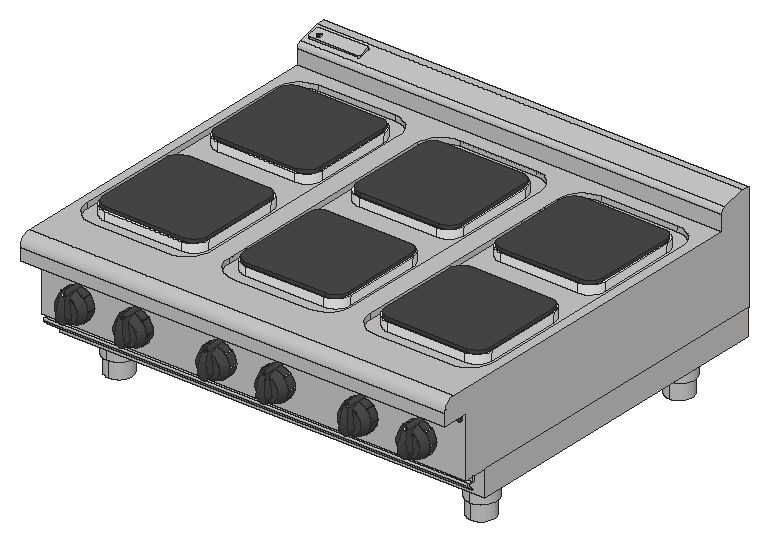
Revit family "QF_Moffat_RNL8600SE-B_Electric_Cooktops_Sealed_Hobs_cat", category Specialty Equipment, Revit 2019
Family settings
  Round Connector Dimension = Use Diameter
  Part Type = Normal
  Work Plane-Based = No
  Always vertical = Yes
  Cut with Voids When Loaded = No
  Shared = No
  Room Calculation Point = No
Parameters (values of type "QF_Moffat_RNL8600SE-B")
  Weight in Kilograms = 90
  Watts = 9130 W
  Volts = 415 V
  URL Cutsheet = ""
  Specification by User = ""
  Specification by Manufacturer = ""
  Serial Number = ""
  Seismic Rating = ""
  SMACNA No = ""
  Revision Code = ""
  Phase = 3
  Number of Poles = 1
  NAFEM Spec ID Number = ""
  Model = "RNL8600SE-B"
  Min Ckt Ampacity = 0 A
  Max Overcurrent Protection = 0 A
  Masterspec = ""
  Manufacturer = "Moffat"
  Length = 900 mm
  Item Number = ""
  Installed By = ""
  Identify Quantity as Lot = yes
  Height = 370 mm
  HP = ""
  Furnished By = ""
  Foodservice Equipment Identifier = yes
  FL Amps = 22 A
  Electrical Remarks = ""
  Electric Connection Type = ""
  Elec Conn RI Height = 0 mm
  Elec Conn Connection Height = 0 mm
  Description = "Electric Cooktops Sealed Hobs"
  Depth = 805 mm
  Cycle = 60 Hz
  Conn Plug = ""
  Conn Conduit = yes
  CSI MasterFormat = ""
  Apparent Power = if(Phase = 3, Volts * FL Amps * 1.73, Volts * FL Amps)  # 15794.9 VA
Reference planes
  plane 1 "BACK": y = 0
  plane 2: z = 0
  plane 3 "LEFT": x = 0
  plane 4 "RIGHT": x = 900
  plane 5 "FRONT": y = -805
  plane 6 "TOP": z = 315
  plane 7 "Center Y": x = 450
  plane 8 "Center X": y = -402.5
  plane 9: x = 65.5
  plane 10: x = 87.5
  plane 11: x = 211.766
  plane 12: y = -30
  plane 13: x = 770
  plane 14: x = 512.5
  plane 15: x = 388.234
  plane 16: x = 834.5
  plane 17: x = 812.5
  plane 18: x = 688.234
  plane 19: z = 370
Forms (mm)
  Extrusion 1, solid, material "QF_Metal_Stainless_Polished"
    sketch origin (0, 0, 0) x (0, 1, 0) y (0, 0, 1)
      loop
        line (0, 140) -> (0, 370) -> (-15, 370) -> (-61.106, 357.646)
        arc (-61.106, 357.646) -> (-67.52, 353.36) -> (-70, 346.055) r 12
        line (-70, 346.055) -> (-70, 315) -> (-781, 315)
        arc (-781, 315) -> (-797.971, 307.971) -> (-805, 291) r 24
        line (-805, 291) -> (-805, 266) -> (-749, 266) -> (-749, 140) -> (0, 140)
    from 0 to 900
  Extrusion 2, void
    sketch origin (0, -783.97, 314.5) x (0, 1, 0) y (-1, 0, 0)
      loop
        arc (681.97, -69) -> (667.325, -33.645) -> (631.97, -19) r 50
        line (631.97, -19) -> (131.97, -19)
        arc (131.97, -19) -> (96.615, -33.645) -> (81.97, -69) r 50
        line (81.97, -69) -> (81.97, -231)
        arc (81.97, -231) -> (96.615, -266.355) -> (131.97, -281) r 50
        line (131.97, -281) -> (631.97, -281)
        arc (631.97, -281) -> (667.325, -266.355) -> (681.97, -231) r 50
        line (681.97, -231) -> (681.97, -69)
      loop
        line (681.97, -831) -> (681.97, -669)
        arc (681.97, -669) -> (667.325, -633.645) -> (631.97, -619) r 50
        line (631.97, -619) -> (131.97, -619)
        arc (131.97, -619) -> (96.615, -633.645) -> (81.97, -669) r 50
        line (81.97, -669) -> (81.97, -831)
        arc (81.97, -831) -> (96.615, -866.355) -> (131.97, -881) r 50
        line (131.97, -881) -> (631.97, -881)
        arc (631.97, -881) -> (667.325, -866.355) -> (681.97, -831) r 50
      loop
        line (81.97, -369) -> (81.97, -531)
        arc (81.97, -531) -> (96.615, -566.355) -> (131.97, -581) r 50
        line (131.97, -581) -> (631.97, -581)
        arc (631.97, -581) -> (667.325, -566.355) -> (681.97, -531) r 50
        line (681.97, -531) -> (681.97, -369)
        arc (681.97, -369) -> (667.325, -333.645) -> (631.97, -319) r 50
        line (631.97, -319) -> (131.97, -319)
        arc (131.97, -319) -> (96.615, -333.645) -> (81.97, -369) r 50
    from 0.5 to -9.5
  Extrusion 3, solid, material "QF_Plastic_White_Smooth"
    sketch origin (0, -783.97, 305) x (0, 1, 0) y (-1, 0, 0)
      loop
        arc (645.97, -68) -> (636.597, -45.373) -> (613.97, -36) r 32
        line (613.97, -36) -> (449.97, -36)
        arc (449.97, -36) -> (427.343, -45.373) -> (417.97, -68) r 32
        line (417.97, -68) -> (417.97, -232)
        arc (417.97, -232) -> (427.343, -254.627) -> (449.97, -264) r 32
        line (449.97, -264) -> (613.97, -264)
        arc (613.97, -264) -> (636.597, -254.627) -> (645.97, -232) r 32
        line (645.97, -232) -> (645.97, -68)
      loop
        arc (345.97, -68) -> (336.597, -45.373) -> (313.97, -36) r 32
        line (313.97, -36) -> (149.97, -36)
        arc (149.97, -36) -> (127.343, -45.373) -> (117.97, -68) r 32
        line (117.97, -68) -> (117.97, -232)
        arc (117.97, -232) -> (127.343, -254.627) -> (149.97, -264) r 32
        line (149.97, -264) -> (313.97, -264)
        arc (313.97, -264) -> (336.597, -254.627) -> (345.97, -232) r 32
        line (345.97, -232) -> (345.97, -68)
      loop
        arc (645.97, -368) -> (636.597, -345.373) -> (613.97, -336) r 32
        line (613.97, -336) -> (449.97, -336)
        arc (449.97, -336) -> (427.343, -345.373) -> (417.97, -368) r 32
        line (417.97, -368) -> (417.97, -532)
        arc (417.97, -532) -> (427.343, -554.627) -> (449.97, -564) r 32
        line (449.97, -564) -> (613.97, -564)
        arc (613.97, -564) -> (636.597, -554.627) -> (645.97, -532) r 32
        line (645.97, -532) -> (645.97, -368)
      loop
        arc (345.97, -368) -> (336.597, -345.373) -> (313.97, -336) r 32
        line (313.97, -336) -> (149.97, -336)
        arc (149.97, -336) -> (127.343, -345.373) -> (117.97, -368) r 32
        line (117.97, -368) -> (117.97, -532)
        arc (117.97, -532) -> (127.343, -554.627) -> (149.97, -564) r 32
        line (149.97, -564) -> (313.97, -564)
        arc (313.97, -564) -> (336.597, -554.627) -> (345.97, -532) r 32
        line (345.97, -532) -> (345.97, -368)
      loop
        line (645.97, -832) -> (645.97, -668)
        arc (645.97, -668) -> (636.597, -645.373) -> (613.97, -636) r 32
        line (613.97, -636) -> (449.97, -636)
        arc (449.97, -636) -> (427.343, -645.373) -> (417.97, -668) r 32
        line (417.97, -668) -> (417.97, -832)
        arc (417.97, -832) -> (427.343, -854.627) -> (449.97, -864) r 32
        line (449.97, -864) -> (613.97, -864)
        arc (613.97, -864) -> (636.597, -854.627) -> (645.97, -832) r 32
      loop
        line (345.97, -832) -> (345.97, -668)
        arc (345.97, -668) -> (336.597, -645.373) -> (313.97, -636) r 32
        line (313.97, -636) -> (149.97, -636)
        arc (149.97, -636) -> (127.343, -645.373) -> (117.97, -668) r 32
        line (117.97, -668) -> (117.97, -832)
        arc (117.97, -832) -> (127.343, -854.627) -> (149.97, -864) r 32
        line (149.97, -864) -> (313.97, -864)
        arc (313.97, -864) -> (336.597, -854.627) -> (345.97, -832) r 32
    from 0 to 17.8
  Extrusion 4, solid, material "QF_Plastic_Black_Smooth"
    sketch origin (0, -783.97, 322.8) x (0, 1, 0) y (-1, 0, 0)
      loop
        arc (641.97, -67) -> (634.062, -47.908) -> (614.97, -40) r 27
        line (614.97, -40) -> (448.97, -40)
        arc (448.97, -40) -> (429.878, -47.908) -> (421.97, -67) r 27
        line (421.97, -67) -> (421.97, -233)
        arc (421.97, -233) -> (429.878, -252.092) -> (448.97, -260) r 27
        line (448.97, -260) -> (614.97, -260)
        arc (614.97, -260) -> (634.062, -252.092) -> (641.97, -233) r 27
        line (641.97, -233) -> (641.97, -67)
      loop
        arc (341.97, -67) -> (334.062, -47.908) -> (314.97, -40) r 27
        line (314.97, -40) -> (148.97, -40)
        arc (148.97, -40) -> (129.878, -47.908) -> (121.97, -67) r 27
        line (121.97, -67) -> (121.97, -233)
        arc (121.97, -233) -> (129.878, -252.092) -> (148.97, -260) r 27
        line (148.97, -260) -> (314.97, -260)
        arc (314.97, -260) -> (334.062, -252.092) -> (341.97, -233) r 27
        line (341.97, -233) -> (341.97, -67)
      loop
        line (641.97, -533) -> (641.97, -367)
        arc (641.97, -367) -> (634.062, -347.908) -> (614.97, -340) r 27
        line (614.97, -340) -> (448.97, -340)
        arc (448.97, -340) -> (429.878, -347.908) -> (421.97, -367) r 27
        line (421.97, -367) -> (421.97, -533)
        arc (421.97, -533) -> (429.878, -552.092) -> (448.97, -560) r 27
        line (448.97, -560) -> (614.97, -560)
        arc (614.97, -560) -> (634.062, -552.092) -> (641.97, -533) r 27
      loop
        arc (314.97, -560) -> (334.062, -552.092) -> (341.97, -533) r 27
        line (341.97, -533) -> (341.97, -367)
        arc (341.97, -367) -> (334.062, -347.908) -> (314.97, -340) r 27
        line (314.97, -340) -> (148.97, -340)
        arc (148.97, -340) -> (129.878, -347.908) -> (121.97, -367) r 27
        line (121.97, -367) -> (121.97, -533)
        arc (121.97, -533) -> (129.878, -552.092) -> (148.97, -560) r 27
        line (148.97, -560) -> (314.97, -560)
      loop
        line (641.97, -833) -> (641.97, -667)
        arc (641.97, -667) -> (634.062, -647.908) -> (614.97, -640) r 27
        line (614.97, -640) -> (448.97, -640)
        arc (448.97, -640) -> (429.878, -647.908) -> (421.97, -667) r 27
        line (421.97, -667) -> (421.97, -833)
        arc (421.97, -833) -> (429.878, -852.092) -> (448.97, -860) r 27
        line (448.97, -860) -> (614.97, -860)
        arc (614.97, -860) -> (634.062, -852.092) -> (641.97, -833) r 27
      loop
        arc (314.97, -860) -> (334.062, -852.092) -> (341.97, -833) r 27
        line (341.97, -833) -> (341.97, -667)
        arc (341.97, -667) -> (334.062, -647.908) -> (314.97, -640) r 27
        line (314.97, -640) -> (148.97, -640)
        arc (148.97, -640) -> (129.878, -647.908) -> (121.97, -667) r 27
        line (121.97, -667) -> (121.97, -833)
        arc (121.97, -833) -> (129.878, -852.092) -> (148.97, -860) r 27
        line (148.97, -860) -> (314.97, -860)
    from 0 to 6.1
  Extrusion 5, solid, material "QF_Metal_Stainless_Polished"
    sketch origin (0, 0, 0) x (0, 1, 0) y (0, 0, 1)
      loop
        line (-699, 85) -> (0, 85) -> (0, 140) -> (-699, 140) -> (-699, 85)
    from 0 to 900
  Extrusion 6, solid, material "QF_Metal_Stainless_Polished"
    sketch origin (0, 0, 0) x (0, 1, 0) y (0, 0, 1)
      loop
        line (-730.6, 140) -> (-730.6, 130) -> (-740.105, 130)
        arc (-740.105, 130) -> (-743.076, 128.015) -> (-742.379, 124.511) r 3.215
        line (-742.379, 124.511) -> (-731.85, 113.982) -> (-730.719, 115.113) -> (-741.247, 125.642)
        arc (-741.247, 125.642) -> (-741.597, 127.403) -> (-740.105, 128.4) r 1.615
        line (-740.105, 128.4) -> (-729, 128.4) -> (-729, 140) -> (-730.6, 140)
    from 0 to 900
  Extrusion 7, solid, material "QF_Metal_Stainless_Polished"
    sketch origin (450, 175.397, 1219.2) x (0, 1, 0) y (0, 0, 1)
      loop
        line (-874.397, -1109.2) -> (-889.234, -1109.2)
        arc (-889.234, -1109.2) -> (-890.834, -1110.8) -> (-889.234, -1112.4) r 1.6
        line (-889.234, -1112.4) -> (-874.397, -1112.4) -> (-874.397, -1109.2)
    from -400 to 400
  Extrusion 8, solid, material "QF_Paint_Green"
    sketch origin (0, -749, 156.25) x (0, 0, 1) y (-1, 0, 0)
      loop
        circle (84.8, -732.5) r 7.15
      loop
        circle (84.8, -857.5) r 7.15
      loop
        circle (84.8, -431.766) r 7.15
      loop
        circle (84.8, -556.766) r 7.15
      loop
        circle (84.8, -131.031) r 7.15
      loop
        circle (84.8, -256.031) r 7.15
    from 0 to 1.6
  Extrusion 9, solid, material "QF_Plastic_Black_Smooth"
    sketch origin (0, -749, 156.25) x (0, 0, 1) y (-1, 0, 0)
      loop
        circle (97.343, -13.157) r 5
      loop
        circle (97.343, -886.843) r 5
    from 0 to 1.6
  Extrusion 10, solid, material "QF_Metal_Stainless_Polished"
    sketch origin (-30, -689.8, 85) x (1, 0, 0) y (0, -1, 0)
      loop
        circle (800, -659.8) r 6.35
    from 0 to 1.6
Cuts and joins
  Extrusion 2 cuts Extrusion 1
Lines and regions (mm)
  symbolic lines
    curve 1: line (0, 0, 0) -> (900, 0, 0)
    curve 2: line (0, -805, 0) -> (0, 0, 0)
    curve 3: line (900, -805, 0) -> (0, -805, 0)
    curve 4: line (900, 0, 0) -> (900, -805, 0)
    curve 5: line (369, -102, 0) -> (531, -102, 0)
    curve 6: arc (531, -102, 0) -> (566.355, -116.645, 0) -> (581, -152, 0) r 50
    curve 7: line (581, -152, 0) -> (581, -652, 0)
    curve 8: arc (581, -652, 0) -> (566.355, -687.355, 0) -> (531, -702, 0) r 50
    curve 9: line (531, -702, 0) -> (369, -702, 0)
    curve 10: arc (369, -702, 0) -> (333.645, -687.355, 0) -> (319, -652, 0) r 50
    curve 11: line (319, -652, 0) -> (319, -152, 0)
    curve 12: arc (319, -152, 0) -> (333.645, -116.645, 0) -> (369, -102, 0) r 50
    curve 13: line (669, -102, 0) -> (831, -102, 0)
    curve 14: arc (831, -102, 0) -> (866.355, -116.645, 0) -> (881, -152, 0) r 50
    curve 15: line (881, -152, 0) -> (881, -652, 0)
    curve 16: arc (881, -652, 0) -> (866.355, -687.355, 0) -> (831, -702, 0) r 50
    curve 17: line (831, -702, 0) -> (669, -702, 0)
    curve 18: arc (669, -702, 0) -> (633.645, -687.355, 0) -> (619, -652, 0) r 50
    curve 19: line (619, -652, 0) -> (619, -152, 0)
    curve 20: arc (619, -152, 0) -> (633.645, -116.645, 0) -> (669, -102, 0) r 50
    curve 21: arc (668, -138, 0) -> (645.373, -147.373, 0) -> (636, -170, 0) r 32
    curve 22: line (636, -170, 0) -> (636, -334, 0)
    curve 23: arc (636, -334, 0) -> (645.373, -356.627, 0) -> (668, -366, 0) r 32
    curve 24: line (668, -366, 0) -> (832, -366, 0)
    curve 25: arc (832, -366, 0) -> (854.627, -356.627, 0) -> (864, -334, 0) r 32
    curve 26: line (864, -334, 0) -> (864, -170, 0)
    curve 27: arc (864, -170, 0) -> (854.627, -147.373, 0) -> (832, -138, 0) r 32
    curve 28: line (832, -138, 0) -> (668, -138, 0)
    curve 29: arc (667, -142, 0) -> (647.908, -149.908, 0) -> (640, -169, 0) r 27
    curve 30: line (640, -169, 0) -> (640, -335, 0)
    curve 31: arc (640, -335, 0) -> (647.908, -354.092, 0) -> (667, -362, 0) r 27
    curve 32: line (667, -362, 0) -> (833, -362, 0)
    curve 33: arc (833, -362, 0) -> (852.092, -354.092, 0) -> (860, -335, 0) r 27
    curve 34: line (860, -335, 0) -> (860, -169, 0)
    curve 35: arc (860, -169, 0) -> (852.092, -149.908, 0) -> (833, -142, 0) r 27
    curve 36: line (833, -142, 0) -> (667, -142, 0)
    curve 37: line (532, -138, 0) -> (368, -138, 0)
    curve 38: arc (368, -138, 0) -> (345.373, -147.373, 0) -> (336, -170, 0) r 32
    curve 39: line (336, -170, 0) -> (336, -334, 0)
    curve 40: arc (336, -334, 0) -> (345.373, -356.627, 0) -> (368, -366, 0) r 32
    curve 41: line (368, -366, 0) -> (532, -366, 0)
    curve 42: arc (532, -366, 0) -> (554.627, -356.627, 0) -> (564, -334, 0) r 32
    curve 43: line (564, -334, 0) -> (564, -170, 0)
    curve 44: arc (564, -170, 0) -> (554.627, -147.373, 0) -> (532, -138, 0) r 32
    curve 45: line (533, -142, 0) -> (367, -142, 0)
    curve 46: arc (367, -142, 0) -> (347.908, -149.908, 0) -> (340, -169, 0) r 27
    curve 47: line (340, -169, 0) -> (340, -335, 0)
    curve 48: arc (340, -335, 0) -> (347.908, -354.092, 0) -> (367, -362, 0) r 27
    curve 49: line (367, -362, 0) -> (533, -362, 0)
    curve 50: arc (533, -362, 0) -> (552.092, -354.092, 0) -> (560, -335, 0) r 27
    curve 51: line (560, -335, 0) -> (560, -169, 0)
    curve 52: arc (560, -169, 0) -> (552.092, -149.908, 0) -> (533, -142, 0) r 27
    curve 53: line (232, -138, 0) -> (68, -138, 0)
    curve 54: arc (68, -138, 0) -> (45.373, -147.373, 0) -> (36, -170, 0) r 32
    curve 55: line (36, -170, 0) -> (36, -334, 0)
    curve 56: arc (36, -334, 0) -> (45.373, -356.627, 0) -> (68, -366, 0) r 32
    curve 57: line (68, -366, 0) -> (232, -366, 0)
    curve 58: arc (232, -366, 0) -> (254.627, -356.627, 0) -> (264, -334, 0) r 32
    curve 59: line (264, -334, 0) -> (264, -170, 0)
    curve 60: arc (264, -170, 0) -> (254.627, -147.373, 0) -> (232, -138, 0) r 32
    curve 61: line (233, -142, 0) -> (67, -142, 0)
    curve 62: arc (67, -142, 0) -> (47.908, -149.908, 0) -> (40, -169, 0) r 27
    curve 63: line (40, -169, 0) -> (40, -335, 0)
    curve 64: arc (40, -335, 0) -> (47.908, -354.092, 0) -> (67, -362, 0) r 27
    curve 65: line (67, -362, 0) -> (233, -362, 0)
    curve 66: arc (233, -362, 0) -> (252.092, -354.092, 0) -> (260, -335, 0) r 27
    curve 67: line (260, -335, 0) -> (260, -169, 0)
    curve 68: arc (260, -169, 0) -> (252.092, -149.908, 0) -> (233, -142, 0) r 27
    curve 69: line (232, -438, 0) -> (68, -438, 0)
    curve 70: arc (68, -438, 0) -> (45.373, -447.373, 0) -> (36, -470, 0) r 32
    curve 71: line (36, -470, 0) -> (36, -634, 0)
    curve 72: arc (36, -634, 0) -> (45.373, -656.627, 0) -> (68, -666, 0) r 32
    curve 73: line (68, -666, 0) -> (232, -666, 0)
    curve 74: arc (232, -666, 0) -> (254.627, -656.627, 0) -> (264, -634, 0) r 32
    curve 75: line (264, -634, 0) -> (264, -470, 0)
    curve 76: arc (264, -470, 0) -> (254.627, -447.373, 0) -> (232, -438, 0) r 32
    curve 77: line (233, -442, 0) -> (67, -442, 0)
    curve 78: arc (67, -442, 0) -> (47.908, -449.908, 0) -> (40, -469, 0) r 27
    curve 79: line (40, -469, 0) -> (40, -635, 0)
    curve 80: arc (40, -635, 0) -> (47.908, -654.092, 0) -> (67, -662, 0) r 27
    curve 81: line (67, -662, 0) -> (233, -662, 0)
    curve 82: arc (233, -662, 0) -> (252.092, -654.092, 0) -> (260, -635, 0) r 27
    curve 83: line (260, -635, 0) -> (260, -469, 0)
    curve 84: arc (260, -469, 0) -> (252.092, -449.908, 0) -> (233, -442, 0) r 27
    curve 85: arc (340, -635, 0) -> (347.908, -654.092, 0) -> (367, -662, 0) r 27
    curve 86: line (367, -662, 0) -> (533, -662, 0)
    curve 87: arc (533, -662, 0) -> (552.092, -654.092, 0) -> (560, -635, 0) r 27
    curve 88: line (560, -635, 0) -> (560, -469, 0)
    curve 89: arc (560, -469, 0) -> (552.092, -449.908, 0) -> (533, -442, 0) r 27
    curve 90: line (533, -442, 0) -> (367, -442, 0)
    curve 91: arc (367, -442, 0) -> (347.908, -449.908, 0) -> (340, -469, 0) r 27
    curve 92: line (340, -469, 0) -> (340, -635, 0)
    curve 93: line (368, -666, 0) -> (532, -666, 0)
    curve 94: arc (532, -666, 0) -> (554.627, -656.627, 0) -> (564, -634, 0) r 32
    curve 95: line (564, -634, 0) -> (564, -470, 0)
    curve 96: arc (564, -470, 0) -> (554.627, -447.373, 0) -> (532, -438, 0) r 32
    curve 97: line (532, -438, 0) -> (368, -438, 0)
    curve 98: arc (368, -438, 0) -> (345.373, -447.373, 0) -> (336, -470, 0) r 32
    curve 99: line (336, -470, 0) -> (336, -634, 0)
    curve 100: arc (336, -634, 0) -> (345.373, -656.627, 0) -> (368, -666, 0) r 32
    curve 101: line (668, -666, 0) -> (832, -666, 0)
    curve 102: arc (832, -666, 0) -> (854.627, -656.627, 0) -> (864, -634, 0) r 32
    curve 103: line (864, -634, 0) -> (864, -470, 0)
    curve 104: arc (864, -470, 0) -> (854.627, -447.373, 0) -> (832, -438, 0) r 32
    curve 105: line (832, -438, 0) -> (668, -438, 0)
    curve 106: arc (668, -438, 0) -> (645.373, -447.373, 0) -> (636, -470, 0) r 32
    curve 107: line (636, -470, 0) -> (636, -634, 0)
    curve 108: arc (636, -634, 0) -> (645.373, -656.627, 0) -> (668, -666, 0) r 32
    curve 109: arc (640, -635, 0) -> (647.908, -654.092, 0) -> (667, -662, 0) r 27
    curve 110: line (667, -662, 0) -> (833, -662, 0)
    curve 111: arc (833, -662, 0) -> (852.092, -654.092, 0) -> (860, -635, 0) r 27
    curve 112: line (860, -635, 0) -> (860, -469, 0)
    curve 113: arc (860, -469, 0) -> (852.092, -449.908, 0) -> (833, -442, 0) r 27
    curve 114: line (833, -442, 0) -> (667, -442, 0)
    curve 115: arc (667, -442, 0) -> (647.908, -449.908, 0) -> (640, -469, 0) r 27
    curve 116: line (640, -469, 0) -> (640, -635, 0)
    curve 117: line (69, -102, 0) -> (231, -102, 0)
    curve 118: arc (231, -102, 0) -> (266.355, -116.645, 0) -> (281, -152, 0) r 50
    curve 119: line (281, -152, 0) -> (281, -652, 0)
    curve 120: arc (281, -652, 0) -> (266.355, -687.355, 0) -> (231, -702, 0) r 50
    curve 121: line (231, -702, 0) -> (69, -702, 0)
    curve 122: arc (69, -702, 0) -> (33.645, -687.355, 0) -> (19, -652, 0) r 50
    curve 123: line (19, -652, 0) -> (19, -152, 0)
    curve 124: arc (19, -152, 0) -> (33.645, -116.645, 0) -> (69, -102, 0) r 50
    curve 125: line (0, -15, 0) -> (900, -15, 0)
    curve 126: line (0, -70, 0) -> (900, -70, 0)
Dimensions and locks
  equal spacing: plane 3 "LEFT", plane 7 "Center Y", plane 4 "RIGHT"
  "Length": plane 3 "LEFT" to plane 4 "RIGHT"
  equal spacing: plane 5 "FRONT", plane 8 "Center X", plane 1 "BACK"
  "Depth": plane 5 "FRONT" to plane 1 "BACK"
  plane 19 to level = 370 mm
  plane 4 "RIGHT" to plane 3 "LEFT" = 900 mm
  plane 1 "BACK" to plane 5 "FRONT" = 805 mm
  plane 6 "TOP" to plane 2 = 315 mm
  plane 2 to Extrusion 5 = 85 mm
  plane 1 "BACK" to nested 5 = 100 mm
  nested 5 to nested 1 = 525 mm
  locked: plane 13 to plane 4 "RIGHT" at 130
  plane 9 to plane 16 = 769 mm
  plane 1 "BACK" to plane 12 = 30 mm
  plane 6 "TOP" to level = 315 mm
  aligned and locked: level to plane 2
Automatic sketch dimensions
  Extrusion 5 sketch curve to plane 1 "BACK" = 0 mm
  Extrusion 5 sketch curve to plane 5 "FRONT" = 106 mm
  level to Extrusion 5 sketch curve = 85 mm
  Extrusion 5 sketch curve to Extrusion 5 sketch curve = 55 mm
  Extrusion 6 sketch curve to Extrusion 6 sketch curve = 0 mm  (x2)
  Extrusion 6 sketch curve to plane 5 "FRONT" = 62.621 mm
  Extrusion 6 sketch curve to Extrusion 6 sketch curve = 1.131 mm  (x3)
  Extrusion 6 sketch curve to Extrusion 6 sketch curve = 1.142 mm  (x2)
  Extrusion 6 sketch curve to Extrusion 6 sketch curve = 10.529 mm
  Extrusion 6 sketch curve to Extrusion 6 sketch curve = 9.505 mm
  Extrusion 6 sketch curve to Extrusion 6 sketch curve = 1.6 mm
  level to Extrusion 6 sketch curve = 113.982 mm
  Extrusion 6 sketch curve to Extrusion 6 sketch curve = 10 mm
  Extrusion 1 to Extrusion 9 sketch curve = 13.157 mm  (x2)
  Extrusion 10 sketch curve to Extrusion 5 = 30 mm
  Extrusion 10 sketch curve to Extrusion 5 = 130 mm
  Extrusion 7 sketch curve to plane 5 "FRONT" = 91.163 mm
  Extrusion 7 sketch curve to Extrusion 7 sketch curve = 14.837 mm
  level to Extrusion 7 sketch curve = 106.8 mm
  Extrusion 7 sketch curve to Extrusion 7 sketch curve = 1.6 mm
  Extrusion 1 to Extrusion 8 sketch curve = 42.5 mm
  Extrusion 8 sketch curve to Extrusion 8 sketch curve = 125 mm  (x3)
  Extrusion 8 sketch curve to Extrusion 8 sketch curve = 175.734 mm  (x2)
  Extrusion 8 sketch curve to Extrusion 1 = 24.95 mm  (x6)
  Extrusion 9 sketch curve to Extrusion 1 = 12.407 mm  (x2)
  Extrusion 1 sketch curve to plane 5 "FRONT" = 0 mm
  Extrusion 1 sketch curve to plane 5 "FRONT" = 24 mm
  Extrusion 1 sketch curve to plane 5 "FRONT" = 56 mm
  Extrusion 1 sketch curve to Extrusion 1 sketch curve = 126 mm
  Extrusion 1 sketch curve to Extrusion 1 sketch curve = 25 mm
  Extrusion 2 sketch curve to plane 16 = 3.5 mm  (x2)
  Extrusion 2 sketch curve to plane 5 "FRONT" = 103 mm  (x3)
  plane 15 to Extrusion 2 sketch curve = 19.234 mm
  Extrusion 2 sketch curve to plane 9 = 3.5 mm  (x2)
  Extrusion 2 sketch curve to Extrusion 2 sketch curve = 50 mm  (x7)
  plane 18 to Extrusion 2 sketch curve = 19.234 mm
  Extrusion 2 sketch curve to Extrusion 2 sketch curve = 0 mm  (x2)
  plane 14 to Extrusion 2 sketch curve = 18.5 mm  (x2)
  plane 4 "RIGHT" to Extrusion 2 sketch curve = 19 mm
  plane 12 to Extrusion 2 sketch curve = 122 mm  (x2)
  plane 11 to Extrusion 2 sketch curve = 19.234 mm
  plane 1 "BACK" to curve 1 = 0 mm
  curve 1 to plane 3 "LEFT" = 0 mm
  plane 5 "FRONT" to curve 3 = 0 mm
  plane 9 to curve 71 = 29.5 mm
  plane 9 to curve 55 = 29.5 mm
  curve 54 to curve 63 = 4 mm
  curve 71 to curve 79 = 4 mm
  curve 80 to plane 9 = 1.5 mm
  curve 62 to plane 9 = 1.5 mm
  curve 77 to plane 9 = 1.5 mm
  curve 64 to plane 9 = 1.5 mm
  curve 69 to plane 9 = 2.5 mm
  curve 80 to curve 72 = 1 mm
  curve 62 to curve 54 = 1 mm
  curve 64 to curve 56 = 1 mm
  plane 11 to curve 57 = 20.234 mm
  plane 11 to curve 60 = 20.234 mm
  plane 11 to curve 69 = 20.234 mm
  plane 11 to curve 73 = 20.234 mm
  curve 74 to curve 82 = 1 mm
  curve 57 to curve 65 = 1 mm
  curve 76 to curve 84 = 1 mm
  curve 60 to curve 68 = 1 mm
  curve 82 to curve 83 = 27 mm
  curve 66 to curve 67 = 27 mm
  curve 67 to curve 59 = 4 mm
  curve 83 to curve 75 = 4 mm
  curve 74 to curve 11 = 55 mm
  curve 11 to curve 99 = 17 mm
  plane 15 to curve 39 = 52.234 mm
  curve 39 to curve 47 = 4 mm
  curve 98 to curve 92 = 4 mm
  plane 15 to curve 91 = 21.234 mm
  plane 15 to curve 49 = 21.234 mm
  plane 15 to curve 86 = 21.234 mm
  plane 15 to curve 45 = 21.234 mm
  curve 49 to curve 41 = 1 mm
  curve 45 to curve 37 = 1 mm
  curve 90 to curve 97 = 1 mm
  curve 85 to curve 100 = 1 mm
  plane 15 to curve 5 = 19.234 mm
  plane 15 to curve 9 = 19.234 mm
  plane 14 to curve 8 = 18.5 mm
  plane 14 to curve 5 = 18.5 mm
  plane 14 to curve 42 = 19.5 mm
  plane 14 to curve 97 = 19.5 mm
  curve 8 to curve 94 = 1 mm
  curve 6 to curve 44 = 1 mm
  curve 97 to curve 90 = 1 mm
  curve 94 to curve 87 = 1 mm
  curve 37 to curve 45 = 1 mm
  curve 41 to curve 49 = 1 mm
  curve 50 to curve 51 = 27 mm
  curve 89 to curve 88 = 27 mm
  curve 50 to curve 43 = 4 mm
  curve 88 to curve 95 = 4 mm
  curve 43 to curve 7 = 17 mm
  curve 6 to curve 19 = 38 mm
  plane 18 to curve 107 = 52.234 mm
  plane 18 to curve 22 = 52.234 mm
  curve 107 to curve 116 = 4 mm
  curve 22 to curve 30 = 4 mm
  plane 18 to curve 31 = 21.234 mm
  plane 18 to curve 109 = 21.234 mm
  plane 18 to curve 115 = 21.234 mm
  plane 18 to curve 29 = 21.234 mm
  curve 36 to curve 28 = 1 mm
  curve 32 to curve 24 = 1 mm
  curve 115 to curve 105 = 1 mm
  curve 109 to curve 108 = 1 mm
  curve 29 to curve 20 = 2 mm
  curve 109 to curve 18 = 2 mm
  curve 17 to plane 16 = 3.5 mm
  curve 13 to plane 16 = 3.5 mm
  curve 24 to plane 16 = 2.5 mm
  curve 104 to plane 16 = 2.5 mm
  curve 28 to plane 16 = 2.5 mm
  curve 102 to plane 16 = 2.5 mm
  curve 104 to curve 113 = 1 mm
  curve 32 to plane 16 = 1.5 mm
  curve 102 to curve 111 = 1 mm
  curve 36 to plane 16 = 1.5 mm
  plane 16 to curve 34 = 25.5 mm
  plane 16 to curve 112 = 25.5 mm
  curve 33 to curve 26 = 4 mm
  curve 112 to curve 103 = 4 mm
  plane 4 "RIGHT" to curve 15 = 19 mm
  curve 9 to plane 5 "FRONT" = 103 mm
  curve 17 to plane 5 "FRONT" = 103 mm
  curve 93 to curve 8 = 14 mm
  curve 101 to curve 18 = 14 mm
  curve 73 to curve 10 = 14 mm
  curve 100 to curve 86 = 4 mm
  curve 72 to curve 81 = 4 mm
  curve 102 to curve 110 = 4 mm
  curve 70 to plane 8 "Center X" = 67.5 mm
  curve 95 to plane 8 "Center X" = 67.5 mm
  curve 103 to plane 8 "Center X" = 67.5 mm
  curve 96 to curve 89 = 1 mm
  curve 70 to curve 78 = 1 mm
  curve 106 to curve 115 = 1 mm
  plane 8 "Center X" to curve 57 = 36.5 mm
  plane 8 "Center X" to curve 41 = 36.5 mm
  plane 8 "Center X" to curve 24 = 36.5 mm
  curve 25 to curve 32 = 4 mm
  curve 56 to curve 65 = 4 mm
  curve 40 to curve 49 = 4 mm
  plane 12 to curve 39 = 140 mm
  curve 43 to curve 22 = 0 mm
  curve 60 to curve 38 = 0 mm
  curve 43 to curve 51 = 1 mm
  curve 21 to curve 29 = 1 mm
  curve 54 to curve 62 = 1 mm
  curve 20 to curve 29 = 10 mm
  curve 12 to curve 46 = 10 mm
  Extrusion 4 sketch curve to Extrusion 3 = 4 mm  (x23)
  Extrusion 4 sketch curve to Extrusion 3 = 31 mm  (x22)
  Extrusion 4 sketch curve to Extrusion 4 sketch curve = 27 mm  (x3)
  Extrusion 3 sketch curve to Extrusion 2 = 36 mm  (x3)
  Extrusion 3 sketch curve to Extrusion 3 sketch curve = 32 mm  (x18)
  Extrusion 3 sketch curve to Extrusion 2 = 17 mm  (x11)
  Extrusion 3 sketch curve to Extrusion 2 = 49 mm  (x3)
  Extrusion 3 sketch curve to Extrusion 3 sketch curve = 164 mm  (x3)
  Extrusion 3 sketch curve to Extrusion 3 sketch curve = 0 mm
  Extrusion 3 sketch curve to Extrusion 3 sketch curve = 72 mm  (x3)
  Extrusion 3 sketch curve to Extrusion 2 = 68 mm  (x6)
  curve 3 to plane 4 "RIGHT" = 0 mm
  plane 3 "LEFT" to curve 123 = 19 mm
  curve 122 to plane 9 = 3.5 mm
  curve 124 to plane 9 = 3.5 mm
  curve 118 to curve 61 = 2 mm
  curve 120 to curve 82 = 2 mm
  curve 59 to curve 119 = 17 mm
  curve 121 to curve 73 = 36 mm
  curve 118 to curve 61 = 10 mm
  plane 12 to Extrusion 1 sketch curve = 40 mm
  plane 6 "TOP" to Extrusion 1 sketch curve = 31.055 mm
  Extrusion 1 sketch curve to Extrusion 1 sketch curve = 12 mm
  Extrusion 1 sketch curve to Extrusion 1 sketch curve = 3.106 mm
  plane 1 "BACK" to Extrusion 1 sketch curve = 15 mm
  Extrusion 1 sketch curve to Extrusion 1 sketch curve = 12.354 mm
  Extrusion 1 sketch curve to plane 1 "BACK" = 0 mm
  Extrusion 1 sketch curve to plane 6 "TOP" = 0 mm
  curve 125 to curve 1 = 15 mm
  plane 12 to curve 126 = 40 mm
  radius of Extrusion 9 sketch curve = 5 mm  (x2)
  radius of Extrusion 10 sketch curve = 6.35 mm
  radius of Extrusion 8 sketch curve = 7.15 mm  (x6)
Nested families
  nested 1: "Small Leg" at (33.75, -593.25, 0), type "Small Leg"
  nested 2: "Small Leg" at (866.25, -593.25, 0) x (-1, 0, 0) z (0, 0, 1), type "Small Leg"
  nested 3: "Knob" at (55.003, -749, 164.5), type "Knob"
  nested 4: "Knob" at (179.269, -749, 164.5), type "Knob"
  nested 5: "Small Leg" at (33.75, -68.25, 0), type "Small Leg"
  nested 6: "Small Leg" at (866.25, -68.25, 0) x (-1, 0, 0) z (0, 0, 1), type "Small Leg"
  nested 7: "Knob" at (355.738, -749, 164.5), type "Knob"
  nested 8: "Knob" at (480.003, -749, 164.5), type "Knob"
  nested 9: "Knob" at (655.738, -749, 164.5), type "Knob"
  nested 10: "Knob" at (780.003, -749, 164.5), type "Knob"
  nested 11: "QF_LOGO_Waldorf" at (7, -24.428, 340.763), type "QF_LOGO_Waldorf"
Connectors
  electrical at (770, -30, 83.4), driven by "Volts", driven by "Watts"
    settings: on Extrusion 10, index 1, voltage 415 V, apparent load 9130 VA, apparent load phase1 0 VA, apparent load phase2 0 VA, apparent load phase3 0 VA, power factor 1, load classification "Other", number of poles 1, system type 30, power factor state 1, is connector primary yes, connector utility no, sub classification motor no, connector description "Electrical Connection"
Definition of nested family "Small Leg"
  Parameters (values of type "Small Leg")
    Weight in Pounds = 0
    URL Cutsheet = ""
    Specification by User = ""
    Specification by Manufacturer = ""
    Serial Number = ""
    Seismic Rating = ""
    SMACNA No = ""
    Revision Code = ""
    NAFEM Spec ID Number = ""
    Masterspec = ""
    Length = 63.5 mm
    Item Number = ""
    Installed By = ""
    Identify Quantity as Lot = yes
    Height = 85 mm
    Furnished By = ""
    Foodservice Equipment Identifier = yes
    Depth = 63.5 mm
    CSI MasterFormat = ""
  Reference planes
    plane 1 "BACK": y = 0
    plane 2: z = 0
    plane 3 "LEFT": x = 0
    plane 4 "RIGHT": x = 63.5
    plane 5 "FRONT": y = -63.5
    plane 6 "TOP": z = 85
    plane 7 "Center Y": x = 31.75
    plane 8 "Center X": y = -31.75
  Forms (mm)
    Revolve 1, solid
      sketch origin (31.75, 175.397, 1219.2) x (0, 1, 0) y (0, 0, 1)
        loop
          line (-207.147, -1134.2) -> (-207.147, -1219.2) -> (-179.647, -1219.2) -> (-179.647, -1184.2) -> (-175.397, -1184.2) -> (-175.397, -1134.2) -> (-207.147, -1134.2)
        axis (-207.147, -1134.2) -> (-207.147, -1219.2)
      angle from 0 to 360
  Dimensions and locks
    equal spacing: plane 3 "LEFT", plane 7 "Center Y", plane 4 "RIGHT"
    "Length": plane 3 "LEFT" to plane 4 "RIGHT"
    equal spacing: plane 5 "FRONT", plane 8 "Center X", plane 1 "BACK"
    "Depth": plane 5 "FRONT" to plane 1 "BACK"
    "Height": plane 6 "TOP" to level
    plane 4 "RIGHT" to plane 3 "LEFT" = 63.5 mm
    aligned and locked: level to plane 2
  Automatic sketch dimensions
    Revolve 1 sketch curve to plane 6 "TOP" = 0 mm
    Revolve 1 sketch curve to plane 8 "Center X" = 0 mm  (x2)
    Revolve 1 sketch curve to level = 0 mm  (x2)
    Revolve 1 sketch curve to plane 1 "BACK" = 0 mm
    Revolve 1 sketch curve to Revolve 1 sketch curve = 4.25 mm
    level to Revolve 1 sketch curve = 35 mm
    Revolve 1 sketch curve to Revolve 1 sketch curve = 20 mm
Definition of nested family "Knob"
  Parameters (values of type "Knob")
    Weight in Pounds = 0
    URL Cutsheet = ""
    Specification by User = ""
    Specification by Manufacturer = ""
    Serial Number = ""
    Seismic Rating = ""
    SMACNA No = ""
    Revision Code = ""
    NAFEM Spec ID Number = ""
    Masterspec = ""
    Length = 65 mm
    Item Number = ""
    Installed By = ""
    Identify Quantity as Lot = yes
    Height = 69.5 mm
    Furnished By = ""
    Foodservice Equipment Identifier = yes
    Depth = 59 mm
    CSI MasterFormat = ""
  Reference planes
    plane 1 "BACK": y = 0
    plane 2: z = 0
    plane 3 "LEFT": x = 0
    plane 4 "RIGHT": x = 65
    plane 5 "FRONT": y = -59
    plane 6 "TOP": z = 69.5
    plane 7 "Center Y": x = 32.5
    plane 8 "Center X": y = -29.5
  Forms (mm)
    Revolve 1, solid
      sketch origin (32.5, 175.397, 1219.2) x (0, 1, 0) y (0, 0, 1)
        loop
          line (-175.397, -1186.7) -> (-219.397, -1186.7) -> (-219.397, -1211.501) -> (-202.106, -1219.2) -> (-185.397, -1219.2) -> (-185.397, -1191.7) -> (-175.397, -1191.7) -> (-175.397, -1186.7)
        axis (-219.397, -1186.7) -> (-175.397, -1186.7)
      angle from 0 to 360
    Extrusion 2, solid
      sketch origin (32.5, 175.397, 1219.2) x (0, 1, 0) y (0, 0, 1)
        loop
          line (-202.106, -1154.2) -> (-185.397, -1154.2) -> (-185.397, -1149.7) -> (-224.105, -1149.7)
          arc (-224.105, -1149.7) -> (-233.965, -1178.467) -> (-230.696, -1208.7) r 70
          line (-230.696, -1208.7) -> (-219.397, -1208.7) -> (-219.397, -1161.899) -> (-202.106, -1154.2)
      from -15 to 15
    Extrusion 3, void
      sketch origin (0, 0, 0) x (1, 0, 0) y (0, 0, 1)
        loop
          line (27.501, 64.613) -> (22.02, 20.585)
          arc (22.02, 20.585) -> (32.792, 10.488) -> (42.986, 21.169) r 10.487
          line (42.986, 21.169) -> (37.499, 64.613)
          arc (37.499, 64.613) -> (32.5, 69.5) -> (27.501, 64.613) r 5
        loop
          line (10, 72.977) -> (10, 5.625) -> (55, 5.625) -> (55, 72.977) -> (10, 72.977)
      from 6.142 to 69.687
    Extrusion 4, solid
      sketch origin (0, -34.115, -16.916) x (1, 0, 0) y (0, 0.45399, 0.891007)
        loop
          circle (32.497, 65) r 2
      from 51.525 to 53.075
    Extrusion 5, solid
      sketch origin (32.5, -10, 32.5) x (0, 0, -1) y (-1, 0, 0)
        loop
          line (-23.54, -22.408) -> (-24.106, -22.974)
          arc (-24.106, -22.974) -> (-23.547, -23.547) -> (-22.974, -24.106) r 33.3
          line (-22.974, -24.106) -> (-22.408, -23.54)
          arc (-22.408, -23.54) -> (-22.981, -22.981) -> (-23.54, -22.408) r 32.5
        loop
          arc (-0.8, -33.29) -> (0, -33.3) -> (0.8, -33.29) r 33.3
          line (0.8, -33.29) -> (0.8, -32.49)
          arc (0.8, -32.49) -> (0, -32.5) -> (-0.8, -32.49) r 32.5
          line (-0.8, -32.49) -> (-0.8, -33.29)
        loop
          arc (23.54, -22.408) -> (22.981, -22.981) -> (22.408, -23.54) r 32.5
          line (22.408, -23.54) -> (22.974, -24.106)
          arc (22.974, -24.106) -> (23.547, -23.547) -> (24.106, -22.974) r 33.3
          line (24.106, -22.974) -> (23.54, -22.408)
        loop
          arc (-23.54, 22.408) -> (-22.981, 22.981) -> (-22.408, 23.54) r 32.5
          line (-22.408, 23.54) -> (-22.974, 24.106)
          arc (-22.974, 24.106) -> (-23.547, 23.547) -> (-24.106, 22.974) r 33.3
          line (-24.106, 22.974) -> (-23.54, 22.408)
        loop
          line (-0.8, 33.29) -> (-0.8, 32.49)
          arc (-0.8, 32.49) -> (0, 32.5) -> (0.8, 32.49) r 32.5
          line (0.8, 32.49) -> (0.8, 33.29)
          arc (0.8, 33.29) -> (0, 33.3) -> (-0.8, 33.29) r 33.3
        loop
          line (32.49, -0.8) -> (33.29, -0.8)
          arc (33.29, -0.8) -> (33.3, 0) -> (33.29, 0.8) r 33.3
          line (33.29, 0.8) -> (32.49, 0.8)
          arc (32.49, 0.8) -> (32.5, 0) -> (32.49, -0.8) r 32.5
        loop
          arc (24.106, 22.974) -> (23.547, 23.547) -> (22.974, 24.106) r 33.3
          line (22.974, 24.106) -> (22.408, 23.54)
          arc (22.408, 23.54) -> (22.981, 22.981) -> (23.54, 22.408) r 32.5
          line (23.54, 22.408) -> (24.106, 22.974)
      from 0 to -16.709
  Cuts and joins
    Extrusion 3 cuts Extrusion 2
  Dimensions and locks
    equal spacing: plane 3 "LEFT", plane 7 "Center Y", plane 4 "RIGHT"
    "Length": plane 3 "LEFT" to plane 4 "RIGHT"
    equal spacing: plane 5 "FRONT", plane 8 "Center X", plane 1 "BACK"
    "Depth": plane 5 "FRONT" to plane 1 "BACK"
    "Height": plane 6 "TOP" to level
    plane 4 "RIGHT" to plane 3 "LEFT" = 65 mm
    aligned and locked: level to plane 2
  Automatic sketch dimensions
    Revolve 1 sketch curve to level = 0 mm
    Revolve 1 sketch curve to plane 1 "BACK" = 0 mm  (x2)
    plane 1 "BACK" to Revolve 1 sketch curve = 10 mm
    plane 8 "Center X" to Revolve 1 sketch curve = 2.791 mm
    Revolve 1 sketch curve to plane 8 "Center X" = 14.5 mm
    level to Revolve 1 sketch curve = 7.699 mm
    level to Revolve 1 sketch curve = 27.5 mm
    Revolve 1 sketch curve to Revolve 1 sketch curve = 5 mm
    Revolve 1 sketch curve to Revolve 1 sketch curve = 35 mm
    Revolve 1 sketch curve to Revolve 1 sketch curve = 0 mm
    Extrusion 2 sketch curve to plane 6 "TOP" = 0 mm
    Extrusion 2 sketch curve to plane 5 "FRONT" = 3.702 mm
    Extrusion 2 sketch curve to plane 5 "FRONT" = 10.293 mm
    Extrusion 2 sketch curve to Extrusion 2 sketch curve = 11.298 mm
    plane 8 "Center X" to Extrusion 2 sketch curve = 2.791 mm
    plane 1 "BACK" to Extrusion 2 sketch curve = 10 mm
    Extrusion 2 sketch curve to plane 1 "BACK" = 11 mm
    Extrusion 2 sketch curve to plane 6 "TOP" = 4.5 mm
    Extrusion 2 sketch curve to plane 6 "TOP" = 12.199 mm
    level to Extrusion 2 sketch curve = 32.962 mm
    level to Extrusion 3 sketch curve = 5.625 mm
    Extrusion 3 sketch curve to plane 7 "Center Y" = 0 mm  (x2)
    Extrusion 3 sketch curve to plane 7 "Center Y" = 4.999 mm
    Extrusion 3 sketch curve to plane 7 "Center Y" = 10.48 mm
    plane 6 "TOP" to Extrusion 3 sketch curve = 3.477 mm
    plane 3 "LEFT" to Extrusion 3 sketch curve = 10 mm
    Extrusion 3 sketch curve to plane 6 "TOP" = 4.887 mm
    Extrusion 3 sketch curve to Extrusion 3 sketch curve = 4.999 mm
    plane 7 "Center Y" to Extrusion 3 sketch curve = 10.486 mm
    level to Extrusion 3 sketch curve = 20.585 mm
    Extrusion 3 sketch curve to Extrusion 3 sketch curve = 0.387 mm
    Extrusion 3 sketch curve to Extrusion 3 sketch curve = 0.113 mm
    plane 4 "RIGHT" to Extrusion 3 sketch curve = 10 mm
    Extrusion 5 sketch curve to Revolve 1 = 32.49 mm
    Revolve 1 to Extrusion 5 sketch curve = 32.49 mm
    Extrusion 5 sketch curve to Revolve 1 = 23.54 mm  (x2)
    Revolve 1 to Extrusion 5 sketch curve = 23.54 mm  (x2)
    Extrusion 5 sketch curve to Revolve 1 = 24.106 mm  (x2)
    Revolve 1 to Extrusion 5 sketch curve = 24.106 mm  (x2)
    Revolve 1 to Extrusion 5 sketch curve = 22.408 mm  (x2)
    Extrusion 5 sketch curve to Revolve 1 = 22.408 mm  (x2)
    Revolve 1 to Extrusion 5 sketch curve = 22.974 mm  (x2)
    Extrusion 5 sketch curve to Revolve 1 = 22.974 mm  (x2)
    Extrusion 5 sketch curve to Extrusion 5 sketch curve = 1.6 mm  (x2)
    Revolve 1 to Extrusion 5 sketch curve = 0.8 mm
    Extrusion 5 sketch curve to Revolve 1 = 0.8 mm
    Extrusion 4 sketch curve to plane 7 "Center Y" = 0.003 mm
    radius of Extrusion 5 sketch curve to Revolve 1 = 0 mm  (x7)
    radius of Revolve 1 to Extrusion 5 sketch curve = 0.8 mm  (x7)
    radius of Extrusion 4 sketch curve = 2 mm
Definition of nested family "QF_LOGO_Waldorf"
  Parameters (values of type "QF_LOGO_Waldorf")
    Weight in Pounds = 0
    URL Cutsheet = ""
    Specification by User = ""
    Specification by Manufacturer = ""
    Serial Number = ""
    Seismic Rating = ""
    SMACNA No = ""
    Revision Code = ""
    NAFEM Spec ID Number = ""
    Masterspec = ""
    Length = 138 mm
    Item Number = ""
    Installed By = ""
    Identify Quantity as Lot = yes
    Height = 26.711 mm
    Furnished By = ""
    Foodservice Equipment Identifier = yes
    Depth = 3.175 mm
    CSI MasterFormat = ""
  Reference planes
    plane 1 "BACK": y = 0
    plane 2: z = 0
    plane 3 "LEFT": x = 0
    plane 4 "RIGHT": x = 138
    plane 5 "FRONT": y = -3.175
    plane 6 "TOP": z = 26.711
    plane 7 "Center Y": x = 69
    plane 8 "Center X": y = -1.587
  Forms (mm)
    Extrusion 1, solid
      sketch origin (0, -25.801, 19.798) x (1, 0, 0) y (0, 0.965926, 0.258819)
        loop
          line (109, 3.464) -> (109, 23.247)
          spline (109, 23.247) -> (108.966, 23.699) -> (108.864, 24.143) -> (108.696, 24.572) -> (108.464, 24.979) -> (108.173, 25.355) -> (107.828, 25.696) -> (107.435, 25.995) -> (107, 26.247) -> (106.531, 26.447) -> (106.035, 26.593) -> (105.522, 26.681) -> (105, 26.711)
          line (105, 26.711) -> (4, 26.711)
          spline (4, 26.711) -> (3.478, 26.681) -> (2.965, 26.593) -> (2.469, 26.447) -> (2, 26.247) -> (1.565, 25.995) -> (1.172, 25.696) -> (0.827, 25.355) -> (0.536, 24.979) -> (0.304, 24.572) -> (0.136, 24.143) -> (0.034, 23.699) -> (0, 23.247)
          line (0, 23.247) -> (0, 3.464)
          spline (0, 3.464) -> (0.034, 3.012) -> (0.136, 2.568) -> (0.304, 2.138) -> (0.536, 1.732) -> (0.827, 1.355) -> (1.172, 1.015) -> (1.565, 0.716) -> (2, 0.464) -> (2.469, 0.264) -> (2.965, 0.118) -> (3.478, 0.03) -> (4, 0)
          line (4, 0) -> (105, 0)
          spline (105, 0) -> (105.522, 0.03) -> (106.035, 0.118) -> (106.531, 0.264) -> (107, 0.464) -> (107.435, 0.716) -> (107.828, 1.015) -> (108.173, 1.355) -> (108.464, 1.732) -> (108.696, 2.138) -> (108.864, 2.568) -> (108.966, 3.012) -> (109, 3.464)
        loop
          line (14.75, 7.005) -> (14.75, 15.654)
          arc (14.75, 15.654) -> (10.425, 11.329) -> (14.75, 7.005) r 4.325
        loop
          line (15.25, 15.654) -> (15.25, 7.005)
          arc (15.25, 7.005) -> (19.575, 11.329) -> (15.25, 15.654) r 4.325
      from 0 to 3.2
    Extrusion 2, solid
      sketch origin (0, -25.801, 19.798) x (1, 0, 0) y (0, 0.965926, 0.258819)
        loop
          line (15.25, 15.654) -> (15.25, 7.005)
          arc (15.25, 7.005) -> (19.575, 11.329) -> (15.25, 15.654) r 4.325
      from 0 to 3.2
    Extrusion 3, solid
      sketch origin (16.271, -25.801, 19.798) x (-1, 0, 0) y (0, -0.965926, -0.258819)
        loop
          arc (1.521, -15.654) -> (5.846, -11.329) -> (1.521, -7.005) r 4.325
          line (1.521, -7.005) -> (1.521, -15.654)
      from 0 to 3.2
  Lines and regions (mm)
    Split face 1
      outline origin (0, -26.629, 22.888) x (1, 0, 0) y (0, 0.965926, 0.258819)
        loop
          spline (22.129, 16.975) -> (22.389, 15.984) -> (22.649, 15.002) -> (22.91, 14.028) -> (23.172, 13.065) -> (23.433, 12.11) -> (23.695, 11.166) -> (23.956, 10.232) -> (24.218, 9.308) -> (24.479, 8.396) -> (24.74, 7.495) -> (25, 6.605) -> (25.26, 5.728)
          line (25.26, 5.728) -> (29.463, 5.728)
          spline (29.463, 5.728) -> (29.582, 6.252) -> (29.701, 6.78) -> (29.82, 7.313) -> (29.939, 7.85) -> (30.058, 8.391) -> (30.178, 8.936) -> (30.297, 9.485) -> (30.416, 10.038) -> (30.536, 10.594) -> (30.655, 11.155) -> (30.775, 11.719) -> (30.894, 12.287)
          spline (30.894, 12.287) -> (31.018, 11.719) -> (31.142, 11.155) -> (31.266, 10.594) -> (31.39, 10.038) -> (31.514, 9.485) -> (31.638, 8.936) -> (31.762, 8.391) -> (31.885, 7.85) -> (32.009, 7.313) -> (32.133, 6.78) -> (32.256, 6.252) -> (32.379, 5.728)
          line (32.379, 5.728) -> (36.51, 5.728)
          spline (36.51, 5.728) -> (36.766, 6.605) -> (37.023, 7.495) -> (37.28, 8.396) -> (37.538, 9.308) -> (37.795, 10.232) -> (38.053, 11.166) -> (38.311, 12.11) -> (38.569, 13.065) -> (38.826, 14.028) -> (39.083, 15.002) -> (39.34, 15.984) -> (39.597, 16.975)
          line (39.597, 16.975) -> (35.637, 16.975)
          spline (35.637, 16.975) -> (35.523, 16.334) -> (35.41, 15.697) -> (35.296, 15.063) -> (35.182, 14.433) -> (35.068, 13.807) -> (34.954, 13.185) -> (34.84, 12.566) -> (34.726, 11.952) -> (34.612, 11.342) -> (34.497, 10.737) -> (34.383, 10.135) -> (34.269, 9.538)
          spline (34.269, 9.538) -> (34.138, 10.135) -> (34.008, 10.737) -> (33.877, 11.342) -> (33.746, 11.952) -> (33.616, 12.566) -> (33.485, 13.185) -> (33.354, 13.807) -> (33.224, 14.433) -> (33.093, 15.063) -> (32.963, 15.697) -> (32.833, 16.334) -> (32.703, 16.975)
          line (32.703, 16.975) -> (29.247, 16.975)
          spline (29.247, 16.975) -> (29.111, 16.334) -> (28.974, 15.697) -> (28.837, 15.063) -> (28.7, 14.433) -> (28.562, 13.807) -> (28.425, 13.185) -> (28.288, 12.566) -> (28.15, 11.952) -> (28.013, 11.342) -> (27.875, 10.737) -> (27.738, 10.135) -> (27.6, 9.538)
          spline (27.6, 9.538) -> (27.483, 10.135) -> (27.366, 10.737) -> (27.249, 11.342) -> (27.132, 11.952) -> (27.015, 12.566) -> (26.897, 13.185) -> (26.78, 13.807) -> (26.663, 14.433) -> (26.546, 15.063) -> (26.43, 15.697) -> (26.313, 16.334) -> (26.196, 16.975)
          line (26.196, 16.975) -> (22.129, 16.975)
    Split face 2
      outline origin (0, -26.629, 22.888) x (1, 0, 0) y (0, 0.965926, 0.258819)
        loop
          line (51.449, 5.728) -> (51.035, 6.606) -> (51.035, 11.169)
          spline (51.035, 11.169) -> (50.686, 12.42) -> (50.176, 13.224) -> (49.51, 13.708) -> (48.693, 13.995) -> (47.747, 14.152) -> (46.698, 14.207) -> (45.579, 14.186) -> (44.419, 14.114) -> (43.279, 13.929) -> (42.249, 13.481) -> (41.424, 12.614) -> (40.897, 11.169)
          line (40.897, 11.169) -> (44.617, 11.169) -> (44.988, 11.965)
          spline (44.988, 11.965) -> (47.294, 11.682) -> (46.856, 10.932) -> (45.527, 10.609) -> (43.858, 10.439) -> (42.259, 10.123) -> (41.078, 9.417) -> (40.563, 8.246) -> (40.689, 6.989) -> (41.407, 6.052) -> (42.774, 5.536) -> (44.847, 5.497) -> (47.306, 6.602)
          line (47.306, 6.602) -> (47.624, 5.728) -> (51.449, 5.728)
    Split face 3
      outline origin (0, -26.629, 22.888) x (1, 0, 0) y (0, 0.965926, 0.258819)
        loop
          line (47.264, 9.264) -> (44.938, 8.597)
          spline (44.938, 8.597) -> (44.508, 8.228) -> (44.402, 7.9) -> (44.548, 7.626) -> (44.877, 7.42) -> (45.317, 7.295) -> (45.797, 7.265) -> (46.252, 7.342) -> (46.65, 7.525) -> (46.971, 7.813) -> (47.194, 8.201) -> (47.298, 8.685) -> (47.264, 9.264)
    Split face 4
      outline origin (0, -26.629, 22.888) x (1, 0, 0) y (0, 0.965926, 0.258819)
        loop
          line (53.33, 16.975) -> (53.33, 5.728) -> (57.173, 5.728) -> (57.173, 16.975) -> (53.33, 16.975)
    Split face 5
      outline origin (0, -26.629, 22.888) x (1, 0, 0) y (0, 0.965926, 0.258819)
        loop
          line (65.795, 16.975) -> (65.795, 12.976)
          spline (65.795, 12.976) -> (63.839, 14.082) -> (62.087, 14.096) -> (60.633, 13.343) -> (59.574, 12.148) -> (58.99, 10.806) -> (58.867, 9.452) -> (59.156, 8.159) -> (59.81, 7) -> (60.786, 6.056) -> (62.111, 5.514) -> (63.868, 5.634) -> (66.137, 6.679)
          line (66.137, 6.679) -> (66.137, 5.728) -> (69.511, 5.728) -> (69.511, 16.975) -> (65.795, 16.975)
    Split face 6
      outline origin (0, -26.629, 22.888) x (1, 0, 0) y (0, 0.965926, 0.258819)
        loop
          spline (64.273, 7.499) -> (64.754, 7.57) -> (65.202, 7.777) -> (65.587, 8.106) -> (65.882, 8.535) -> (66.067, 9.034) -> (66.131, 9.57) -> (66.067, 10.106) -> (65.882, 10.605) -> (65.587, 11.034) -> (65.202, 11.363) -> (64.754, 11.57) -> (64.273, 11.64)
          spline (64.273, 11.64) -> (63.793, 11.57) -> (63.345, 11.363) -> (62.96, 11.034) -> (62.665, 10.605) -> (62.479, 10.106) -> (62.416, 9.57) -> (62.479, 9.034) -> (62.665, 8.535) -> (62.96, 8.106) -> (63.345, 7.777) -> (63.793, 7.57) -> (64.273, 7.499)
    Split face 7
      outline origin (0, -26.629, 22.888) x (1, 0, 0) y (0, 0.965926, 0.258819)
        loop
          spline (76.449, 5.305) -> (77.855, 5.457) -> (79.166, 5.901) -> (80.291, 6.607) -> (81.155, 7.527) -> (81.698, 8.599) -> (81.883, 9.749) -> (81.698, 10.899) -> (81.155, 11.97) -> (80.291, 12.891) -> (79.166, 13.597) -> (77.855, 14.041) -> (76.449, 14.192)
          spline (76.449, 14.192) -> (75.042, 14.041) -> (73.731, 13.597) -> (72.606, 12.891) -> (71.742, 11.97) -> (71.199, 10.899) -> (71.014, 9.749) -> (71.199, 8.599) -> (71.742, 7.527) -> (72.606, 6.607) -> (73.731, 5.901) -> (75.042, 5.457) -> (76.449, 5.305)
    Split face 8
      outline origin (0, -26.629, 22.888) x (1, 0, 0) y (0, 0.965926, 0.258819)
        loop
          spline (76.449, 7.654) -> (76.841, 7.725) -> (77.206, 7.934) -> (77.52, 8.267) -> (77.76, 8.701) -> (77.912, 9.206) -> (77.963, 9.749) -> (77.912, 10.291) -> (77.76, 10.796) -> (77.52, 11.23) -> (77.206, 11.563) -> (76.841, 11.772) -> (76.449, 11.843)
          spline (76.449, 11.843) -> (76.057, 11.772) -> (75.691, 11.563) -> (75.378, 11.23) -> (75.137, 10.796) -> (74.986, 10.291) -> (74.934, 9.749) -> (74.986, 9.206) -> (75.137, 8.701) -> (75.378, 8.267) -> (75.691, 7.934) -> (76.057, 7.725) -> (76.449, 7.654)
    Split face 9
      outline origin (0, -26.629, 22.888) x (1, 0, 0) y (0, 0.965926, 0.258819)
        loop
          line (86.998, 12.335) -> (86.998, 13.879) -> (83.479, 13.879) -> (83.479, 5.728) -> (87.312, 5.728) -> (87.312, 8.975)
          spline (87.312, 8.975) -> (87.364, 9.356) -> (87.458, 9.686) -> (87.594, 9.968) -> (87.769, 10.204) -> (87.982, 10.398) -> (88.229, 10.55) -> (88.509, 10.666) -> (88.82, 10.746) -> (89.16, 10.794) -> (89.525, 10.812) -> (89.915, 10.803) -> (90.327, 10.77)
          line (90.327, 10.77) -> (90.327, 14.113)
          spline (90.327, 14.113) -> (89.929, 14.127) -> (89.552, 14.111) -> (89.197, 14.066) -> (88.865, 13.991) -> (88.554, 13.887) -> (88.266, 13.754) -> (87.999, 13.591) -> (87.755, 13.399) -> (87.532, 13.177) -> (87.332, 12.926) -> (87.154, 12.645) -> (86.998, 12.335)
    Split face 10
      outline origin (0, -26.629, 22.888) x (1, 0, 0) y (0, 0.965926, 0.258819)
        loop
          line (92.082, 13.879) -> (90.894, 13.879) -> (90.894, 11.972) -> (92.082, 11.972) -> (92.082, 5.728) -> (95.871, 5.728) -> (95.871, 11.972) -> (97.5, 11.972) -> (97.5, 13.879) -> (95.871, 13.879)
          spline (95.871, 13.879) -> (95.843, 14.088) -> (95.845, 14.278) -> (95.877, 14.447) -> (95.939, 14.596) -> (96.03, 14.726) -> (96.151, 14.835) -> (96.301, 14.925) -> (96.482, 14.995) -> (96.692, 15.045) -> (96.931, 15.075) -> (97.201, 15.085) -> (97.5, 15.076)
          line (97.5, 15.076) -> (97.5, 17.266) -> (95.367, 17.266)
          spline (95.367, 17.266) -> (94.982, 17.253) -> (94.58, 17.21) -> (94.174, 17.132) -> (93.774, 17.013) -> (93.39, 16.846) -> (93.034, 16.627) -> (92.717, 16.349) -> (92.448, 16.007) -> (92.24, 15.595) -> (92.102, 15.106) -> (92.046, 14.537) -> (92.082, 13.879)
  Dimensions and locks
    equal spacing: plane 3 "LEFT", plane 7 "Center Y", plane 4 "RIGHT"
    "Length": plane 3 "LEFT" to plane 4 "RIGHT"
    equal spacing: plane 5 "FRONT", plane 8 "Center X", plane 1 "BACK"
    "Depth": plane 5 "FRONT" to plane 1 "BACK"
    "Height": plane 6 "TOP" to level
    plane 4 "RIGHT" to plane 3 "LEFT" = 138 mm
    aligned and locked: level to plane 2
  Automatic sketch dimensions
    Extrusion 1 sketch curve to plane 3 "LEFT" = 0 mm
    plane 3 "LEFT" to Extrusion 1 sketch curve = 4 mm  (x2)
    Extrusion 1 sketch curve to Extrusion 1 sketch curve = 10.75 mm
    Extrusion 1 sketch curve to Extrusion 1 sketch curve = 0.5 mm
    plane 4 "RIGHT" to Extrusion 1 sketch curve = 33 mm
    Extrusion 1 sketch curve to Extrusion 1 sketch curve = 0 mm  (x3)
    Extrusion 1 sketch curve to Extrusion 1 sketch curve = 4 mm
    Extrusion 1 sketch curve to Extrusion 1 sketch curve = 3.464 mm  (x3)
    Extrusion 1 sketch curve to Extrusion 1 sketch curve = 3.541 mm
    Extrusion 1 sketch curve to Extrusion 1 sketch curve = 4.325 mm
    Extrusion 1 sketch curve to Extrusion 1 sketch curve = 19.783 mm
    Extrusion 1 sketch curve to Extrusion 1 sketch curve = 7.592 mm
    plane 3 "LEFT" to Extrusion 2 sketch curve = 15.25 mm
    Extrusion 2 sketch curve to Extrusion 2 sketch curve = 4.325 mm
    plane 3 "LEFT" to Extrusion 3 sketch curve = 14.75 mm
    Extrusion 3 sketch curve to Extrusion 3 sketch curve = 4.325 mm
    Extrusion 1 to Split face 1 sketch curve = 6.879 mm
    Split face 1 sketch curve to Extrusion 1 = 5.728 mm
    Split face 1 sketch curve to Split face 1 sketch curve = 3.132 mm
    Split face 1 sketch curve to Split face 1 sketch curve = 4.068 mm
    Split face 1 sketch curve to Split face 1 sketch curve = 3.051 mm
    Split face 1 sketch curve to Split face 1 sketch curve = 4.203 mm
    Split face 1 sketch curve to Split face 1 sketch curve = 2.916 mm
    Split face 1 sketch curve to Split face 1 sketch curve = 3.456 mm
    Split face 1 sketch curve to Split face 1 sketch curve = 2.934 mm
    Split face 1 sketch curve to Split face 1 sketch curve = 4.131 mm
    Split face 1 sketch curve to Split face 1 sketch curve = 3.96 mm
    Split face 1 sketch curve to Split face 1 sketch curve = 0 mm  (x2)
    Split face 1 sketch curve to Extrusion 1 = 9.736 mm  (x2)
    Extrusion 1 to Split face 1 sketch curve = 6.337 mm
    Extrusion 1 to Split face 1 sketch curve = 6.231 mm
    Extrusion 1 to Split face 1 sketch curve = 3.184 mm
    Extrusion 1 to Split face 1 sketch curve = 13.135 mm
    Split face 1 sketch curve to Split face 1 sketch curve = 4.652 mm
    Split face 1 sketch curve to Split face 1 sketch curve = 3.593 mm
    Split face 1 sketch curve to Split face 1 sketch curve = 1.863 mm
    Split face 1 sketch curve to Split face 1 sketch curve = 0.713 mm
    Split face 1 sketch curve to Split face 1 sketch curve = 2.684 mm
    Split face 1 sketch curve to Split face 1 sketch curve = 3.294 mm
    Split face 1 sketch curve to Split face 1 sketch curve = 0.459 mm
    Split face 1 sketch curve to Split face 1 sketch curve = 2.775 mm
    Split face 1 sketch curve to Split face 1 sketch curve = 1.89 mm
    Split face 1 sketch curve to Split face 1 sketch curve = 0.685 mm
    Split face 1 sketch curve to Split face 1 sketch curve = 9.486 mm
    Split face 1 sketch curve to Split face 1 sketch curve = 16.213 mm
    Split face 1 sketch curve to Split face 1 sketch curve = 3.48 mm
    Split face 1 sketch curve to Split face 1 sketch curve = 4.918 mm
    Split face 1 sketch curve to Split face 1 sketch curve = 7.609 mm
    Split face 1 sketch curve to Split face 1 sketch curve = 0.01 mm  (x2)
    Split face 1 sketch curve to Split face 1 sketch curve = 0.002 mm
    Split face 2 sketch curve to Extrusion 1 = 11.169 mm
    Extrusion 1 to Split face 2 sketch curve = 25.647 mm
    Split face 2 sketch curve to Split face 2 sketch curve = 3.72 mm
    Split face 2 sketch curve to Extrusion 1 = 11.965 mm
    Split face 2 sketch curve to Split face 2 sketch curve = 0.371 mm
    Split face 2 sketch curve to Extrusion 1 = 6.602 mm
    Split face 2 sketch curve to Split face 2 sketch curve = 2.689 mm
    Split face 2 sketch curve to Split face 2 sketch curve = 0.318 mm
    Split face 2 sketch curve to Split face 2 sketch curve = 3.729 mm
